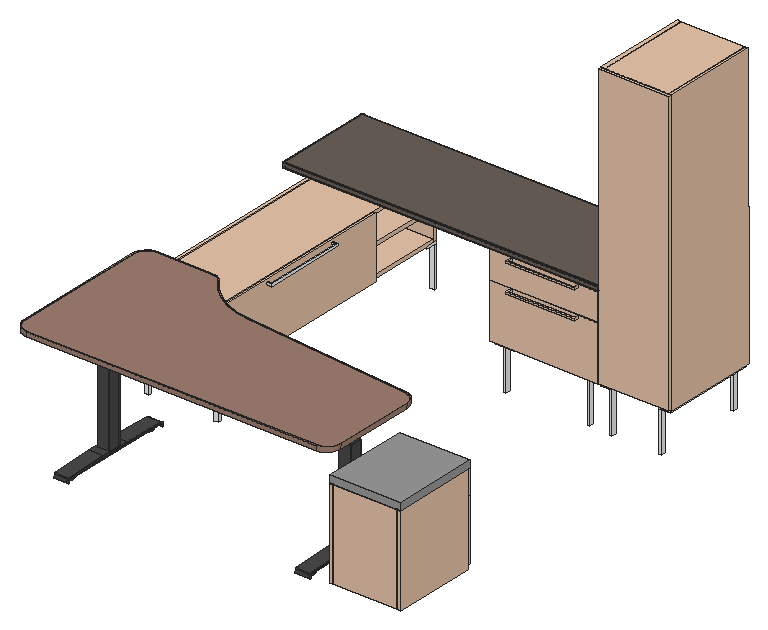
Revit family "OFS TYPICALS T100176", category Furniture, Revit 2022 (continued)
Definition of nested family "STAKS RECTANGULAR WORKSURFACES Short Grain"
  Dimensions and locks (in)
    aligned and locked: Extrusion 1 to plane 10
    aligned and locked: Sweep 2 sketch curve to plane 5 "FRONT"
    aligned and locked: Sweep 2 sketch curve to plane 2 "LEFT"
    aligned and locked: plane 4 "BACK" to Sweep 2 sketch curve
    aligned and locked: plane 3 "RIGHT" to Sweep 2 sketch curve
  Automatic sketch dimensions
    Masking region 1 sketch curve to plane 6 = 0' - 0"
    Masking region 1 sketch curve to plane 2 "LEFT" = 0' - 0"
    Masking region 1 sketch curve to plane 4 "BACK" = 0' - 0"
    Masking region 1 sketch curve to plane 8 = 0' - 0"
    Masking region 1 sketch curve to plane 9 = 0' - 0"
    Masking region 1 sketch curve to plane 5 "FRONT" = 0' - 0"
    Masking region 2 sketch curve to plane 3 "RIGHT" = 0' - 0"
    Masking region 2 sketch curve to plane 7 = 0' - 0"
    Masking region 2 sketch curve to plane 6 = 0' - 0"
    Masking region 2 sketch curve to plane 2 "LEFT" = 0' - 0"
    Masking region 2 sketch curve to plane 4 "BACK" = 0' - 0"
    Masking region 2 sketch curve to plane 8 = 0' - 0"
    Masking region 3 sketch curve to plane 3 "RIGHT" = 0' - 0"
    Masking region 3 sketch curve to plane 7 = 0' - 0"
    Masking region 3 sketch curve to plane 4 "BACK" = 0' - 0"
    Masking region 3 sketch curve to plane 8 = 0' - 0"
    Masking region 3 sketch curve to plane 9 = 0' - 0"
    Masking region 3 sketch curve to plane 5 "FRONT" = 0' - 0"
    Masking region 4 sketch curve to plane 3 "RIGHT" = 0' - 0"
    Masking region 4 sketch curve to plane 7 = 0' - 0"
    Masking region 4 sketch curve to plane 6 = 0' - 0"
    Masking region 4 sketch curve to plane 2 "LEFT" = 0' - 0"
    Masking region 4 sketch curve to plane 9 = 0' - 0"
    Masking region 4 sketch curve to plane 5 "FRONT" = 0' - 0"
    Masking region 5 sketch curve to plane 7 = 0' - 0"
    Masking region 5 sketch curve to plane 6 = 0' - 0"
    Masking region 5 sketch curve to plane 8 = 0' - 0"
    Masking region 5 sketch curve to plane 9 = 0' - 0"
    Sweep 2 sketch curve to profile plane = 0' - 0"
    Sweep 2 sketch curve to plane 11 "SURFACE TOP" = 0' - 0"
    Sweep 2 sketch curve to profile plane = 0' - 0 1/8"
    Sweep 2 sketch curve to Sweep 2 sketch curve = 0' - 0 7/8"
Definition of nested family "STAKS METAL BASE RECTANGULAR END"
  Parameters (values of type "STAKS RECTANGULAR END METAL BASE")
    URL = "http://www.ofs.com/"
    Metal Legs Material = none
    Height Above Floor [instance] = 0' - 9 1/2"
    Height = 0' - 9 1/2"
    Depth = 0' - 2 1/2"
    Model = "6-RELEG"
    Manufacturer = "OFS"
    Description = "OFS STAKS RECTANGULAR END METAL BASE, For use on End of 21.875\"D and 21.125\"D Pedestals"
    Width = 1' - 8 7/8"
    Default Elevation = 0' - 0"
    Copyright © = "© 2018 OFS"
    Catalog = "https://ofs.com/products/casegoods/private-office/staks"
    Authoring Version = "Autodesk Revit Architecture 2013"
    Assembly Code = "E2020200"
  Reference planes (in)
    plane 1: z = -0.125
    plane 2 "LEFT": x = 7.55498
    plane 3 "RIGHT": x = 28.42998
    plane 4 "BACK": y = -1.83365
    plane 5 "FRONT": y = -4.33365
    plane 6: x = 8.55498
    plane 7: x = 27.42998
    plane 8: y = -1.95865
    plane 9: y = -3.83365
    plane 10: z = -0.125
    plane 11 "SURFACE TOP": z = 9.375
    plane 12: z = 8.875
    plane 13: x = 17.99248
  Forms (in)
    Extrusion 1, solid, material <- "Metal Legs Material"
      sketch origin (0, 0, 17.125) x (-1, 0, 0) y (0, -1, 0)
        loop
          line (-7.55498, 1.83365) -> (-7.55498, 4.33365) -> (-28.42998, 4.33365) -> (-28.42998, 1.83365) -> (-7.55498, 1.83365)
      from -7.75 to -8.25
    Extrusion 2, solid, material <- "Metal Legs Material"
      sketch origin (0, 0, 9.375) x (0, 1, 0) y (-1, 0, 0)
        loop
          line (-3.83365, -8.55498) -> (-3.83365, -7.55498) -> (-4.33365, -7.55498) -> (-4.33365, -8.55498) -> (-3.83365, -8.55498)
        loop
          line (-4.33365, -28.42998) -> (-3.83365, -28.42998) -> (-3.83365, -27.42998) -> (-4.33365, -27.42998) -> (-4.33365, -28.42998)
      from -0.5 to -9.5
  Dimensions and locks (in)
    "Depth": plane 4 "BACK" to plane 5 "FRONT"
    "Width": plane 2 "LEFT" to plane 3 "RIGHT"
    "Height": plane 11 "SURFACE TOP" to plane 10
    locked: plane 4 "BACK" to plane 8 at 0.125
    locked: plane 2 "LEFT" to plane 6 at 1
    locked: plane 7 to plane 3 "RIGHT" at 1
    locked: plane 9 to plane 5 "FRONT" at 0.5
    "Height Above Floor": plane 11 "SURFACE TOP" to level
    plane 11 "SURFACE TOP" to plane 12 = 0' - 0 1/2"
    equal spacing: plane 2 "LEFT", plane 13, plane 3 "RIGHT"
    aligned: level to plane 1
    aligned and locked: plane 11 "SURFACE TOP" to Extrusion 1
    aligned and locked: plane 4 "BACK" to Extrusion 1 sketch curve
    aligned and locked: Extrusion 1 sketch curve to plane 2 "LEFT"
    aligned and locked: Extrusion 1 sketch curve to plane 5 "FRONT"
    aligned and locked: plane 3 "RIGHT" to Extrusion 1 sketch curve
    aligned and locked: Extrusion 1 to plane 12
    aligned and locked: plane 9 to Extrusion 2 sketch curve
    aligned and locked: plane 6 to Extrusion 2 sketch curve
    aligned and locked: Extrusion 2 sketch curve to Extrusion 1  (x3)
    aligned and locked: Extrusion 1 to Extrusion 2 sketch curve
    aligned and locked: Extrusion 2 sketch curve to plane 9
    aligned and locked: plane 7 to Extrusion 2 sketch curve
    aligned and locked: Extrusion 2 to Extrusion 1
    aligned and locked: Extrusion 2 to level
Definition of nested family "STAKS LOW HEIGHT PEDESTAL WIDE - BOX-FILE - WITH RISER SUPPORT"
  Parameters (values of type "STAKS LOW HEIGHT PEDESTAL WIDE - BOX-FILE - WITH RISER SUPPORT 24in W x 19in D")
    URL = "http://www.ofs.com/"
    Riser Support = 0' - 3 1/2"
    Model = "6-RL2419MPD11"
    Manufacturer = "OFS"
    Height = 1' - 6 3/8"
    Drawer Material = none
    Drawer Handle Width = 1' - 3 1/8"
    Drawer Handle Material = none
    Description = "OFS STAKS LOW HEIGHT PEDESTAL WIDE - BOX-FILE - WITH RISER SUPPORT 24\" Width, 19\" Depth, One Box Drawer, One File Drawer, Use with 22\"D Worksurfaces"
    Width = 2' - 0"
    Depth = 1' - 7 3/8"
    Default Elevation = 0' - 0"
    DH2 = 0' - 6 1/2"
    DH1 = 1' - 0 3/8"
    Copyright © = "© 2018 OFS"
    Chasis Material = none
    Catalog = "https://ofs.com/products/casegoods/private-office/staks"
    Board Thickness = 0' - 0 3/4"
    Authoring Version = "Autodesk Revit Architecture 2013"
    Assembly Code = "E2020200"
  Types (6): name | Model | Description | Width | Depth
    STAKS LOW HEIGHT PEDESTAL WIDE - BOX-FILE - WITH RISER SUPPORT 24in W x 19in D | "6-RL2419MPD11" | "OFS STAKS LOW HEIGHT PEDESTAL WIDE - BOX-FILE - WITH RISER SUPPORT 24\" Width, 19\" Depth, One Box Drawer, One File Drawer, Use with 22\"D Worksurfaces" | 2' - 0" | 1' - 7 3/8"
    STAKS LOW HEIGHT PEDESTAL WIDE - BOX-FILE - WITH RISER SUPPORT 24in W x 22in D | "6-RL2422MPD11" | "OFS STAKS LOW HEIGHT PEDESTAL WIDE - BOX-FILE - WITH RISER SUPPORT 24\" Width, 22\" Depth, One Box Drawer, One File Drawer, Use with 22\"D Worksurfaces" | 2' - 0" | 1' - 9 7/8"
    STAKS LOW HEIGHT PEDESTAL WIDE - BOX-FILE - WITH RISER SUPPORT 30in W x 19in D | "6-RL3019MPD11" | "OFS STAKS LOW HEIGHT PEDESTAL WIDE - BOX-FILE - WITH RISER SUPPORT 30\" Width, 19\" Depth, One Box Drawer, One File Drawer, Use with 22\"D Worksurfaces" | 2' - 6" | 1' - 7 3/8"
    STAKS LOW HEIGHT PEDESTAL WIDE - BOX-FILE - WITH RISER SUPPORT 30in W x 22in D | "6-RL3022MPD11" | "OFS STAKS LOW HEIGHT PEDESTAL WIDE - BOX-FILE - WITH RISER SUPPORT 30\" Width, 22\" Depth, One Box Drawer, One File Drawer, Use with 22\"D Worksurfaces" | 2' - 6" | 1' - 9 7/8"
    STAKS LOW HEIGHT PEDESTAL WIDE - BOX-FILE - WITH RISER SUPPORT 36in W x 19in D | "6-RL3619MPD11" | "OFS STAKS LOW HEIGHT PEDESTAL WIDE - BOX-FILE - WITH RISER SUPPORT 36\" Width, 19\" Depth, One Box Drawer, One File Drawer, Use with 22\"D Worksurfaces" | 3' - 0" | 1' - 7 3/8"
    STAKS LOW HEIGHT PEDESTAL WIDE - BOX-FILE - WITH RISER SUPPORT 36in W x 22in D | "6-RL3622MPD11" | "OFS STAKS LOW HEIGHT PEDESTAL WIDE - BOX-FILE - WITH RISER SUPPORT 36\" Width, 22\" Depth, One Box Drawer, One File Drawer, Use with 22\"D Worksurfaces" | 3' - 0" | 1' - 9 7/8"
  Reference planes (in)
    plane 1: z = 0
    plane 2 "Right": x = 20.97711
    plane 3: z = 21.875
    plane 4: z = 15.875
    plane 5: z = 15.75
    plane 6: z = 3.5
    plane 7: z = 15.5
    plane 8: z = 21.625
    plane 9: z = 15.031
    plane 10: z = 21.15625
    plane 11: x = 8.97711
    plane 12: y = 1.37535
    plane 13: y = 0.62535
    plane 14: x = 9.03961
    plane 15: x = 32.91411
    plane 16: x = 9.72711
    plane 17: y = 20.00035
    plane 18: x = 32.97711
    plane 19: x = 32.22711
    plane 20: x = 13.41461
    plane 21: x = 13.78961
    plane 22: x = 28.53961
    plane 23: x = 28.16461
    plane 24: y = -0.18715
    plane 25: y = -0.37465
    plane 26: z = 3.75
    plane 27: y = 19.25035
    plane 28: z = 4.25
    plane 29: y = 16.75035
    plane 30: y = 4.37535
    plane 31: y = 8.37535
    plane 32: y = 12.75035
    plane 33: y = 5.00035
    plane 34: y = 13.37535
    plane 35: z = 22
  Forms (in)
    Extrusion 1, solid, material <- "Drawer Material"
      sketch origin (20.35211, 5, -13.1802) x (0, 1, 0) y (0, 0, 1)
        loop
          line (-4.37465, 28.9302) -> (-4.37465, 16.9302) -> (-3.62465, 16.9302) -> (-3.62465, 28.9302) -> (-4.37465, 28.9302)
      from -11.3125 to 12.562
    Extrusion 2, solid, material <- "Drawer Material"
      sketch origin (20.35211, 2.25, -7.68015) x (0, 1, 0) y (0, 0, 1)
        loop
          line (-1.62465, 29.55515) -> (-1.62465, 23.55515) -> (-0.87465, 23.55515) -> (-0.87465, 29.55515) -> (-1.62465, 29.55515)
      from -11.3125 to 12.562
    Extrusion 3, solid, material <- "Chasis Material"
      sketch origin (-3, -1.24965, 0) x (1, 0, 0) y (0, 0, 1)
        loop
          line (11.97711, 3.5) -> (12.72711, 3.5) -> (12.72711, 21.875) -> (11.97711, 21.875) -> (11.97711, 3.5)
      from -21.25 to -2.625
    Extrusion 4, solid, material <- "Chasis Material"
      sketch origin (19.35211, 31.02324, 0) x (0, 1, 0) y (0, 0, 1)
        loop
          line (-11.77289, 3.5) -> (-11.02289, 3.5) -> (-11.02289, 21.875) -> (-11.77289, 21.875) -> (-11.77289, 3.5)
      from -9.625 to 12.875
    Extrusion 5, solid, material <- "Drawer Handle Material"
      sketch origin (9, 0, 9.60933) x (1, 0, 0) y (0, 1, 0)
        loop
          line (4.41461, 0.62535) -> (4.41461, -0.37465) -> (19.53961, -0.37465) -> (19.53961, 0.62535) -> (19.16461, 0.62535) -> (19.16461, -0.18715) -> (4.78961, -0.18715) -> (4.78961, 0.62535) -> (4.41461, 0.62535)
      from 5.42167 to 5.89067
    Extrusion 6, solid, material <- "Drawer Handle Material"
      sketch origin (9, 0, 20.67137) x (1, 0, 0) y (0, 1, 0)
        loop
          line (4.41461, 0.62535) -> (4.41461, -0.37465) -> (19.53961, -0.37465) -> (19.53961, 0.62535) -> (19.16461, 0.62535) -> (19.16461, -0.18715) -> (4.78961, -0.18715) -> (4.78961, 0.62535) -> (4.41461, 0.62535)
      from 0.48488 to 0.95363
    Extrusion 7, solid, material <- "Chasis Material"
      sketch origin (0, 0, 0) x (1, 0, 0) y (0, 1, 0)
        loop
          line (32.97711, 20.00035) -> (32.22711, 20.00035) -> (32.22711, 1.37535) -> (32.97711, 1.37535) -> (32.97711, 20.00035)
      from 3.5 to 21.875
    Extrusion 8, solid, material <- "Chasis Material"
      sketch origin (-29.79592, -7.12465, 7.24693) x (1, 0, 0) y (0, 0, 1)
        loop
          line (39.52304, 13.90932) -> (62.02304, 13.90932) -> (62.02304, 14.62807) -> (39.52304, 14.62807) -> (39.52304, 13.90932)
      from -26.375 to -8.5
    Extrusion 9, solid, material <- "Chasis Material"
      sketch origin (-31.5409, -1.62465, -42.72261) x (1, 0, 0) y (0, 0, 1)
        loop
          line (41.26801, 46.22261) -> (63.76801, 46.22261) -> (63.76801, 46.97261) -> (41.26801, 46.97261) -> (41.26801, 46.22261)
      from -20.875 to -3
    Extrusion 10, solid
      sketch origin (0, 0, 0) x (1, 0, 0) y (0, 1, 0)
        loop
          line (32.91411, 20.00035) -> (32.22711, 20.00035) -> (32.22711, 1.37535) -> (32.91411, 1.37535) -> (32.91411, 20.00035)
        loop
          line (9.03961, 20.00035) -> (9.03961, 1.37535) -> (9.72711, 1.37535) -> (9.72711, 20.00035) -> (9.03961, 20.00035)
      from 21.875 to 22
  Dimensions and locks (in)
    "Board Thickness": plane 13 to plane 12
    locked: plane 11 to plane 14 at 0.0625
    "Board Thickness": plane 11 to plane 16
    locked: plane 15 to plane 18 at 0.063
    "Width": plane 11 to plane 18
    Extrusion 7 sketch curve to plane 18 = 0' - 0 3/4"
    "Board Thickness": plane 19 to plane 18
    equal spacing: plane 11, plane 2 "Right", plane 18
    locked: plane 20 to plane 21 at 0.375
    locked: plane 23 to plane 22 at 0.375
    equal spacing: plane 20, plane 2 "Right", plane 22
    "Drawer Handle Width": plane 20 to plane 22
    plane 25 to plane 24 to plane 13 = 0' - 0 3/16" locked, 0' - 0 13/16" locked
    "Riser Support": plane 6 to level
    "Height": plane 3 to plane 6
    "DH1": plane 4 to plane 6
    locked: plane 26 to plane 6 at 0.25
    "Board Thickness": plane 27 to plane 17
    "Depth": plane 13 to plane 17
    plane 4 to plane 5 to plane 7 to plane 9 = 0' - 0 1/8" locked, 0' - 0 1/4" locked, 0' - 0.469" locked
    plane 3 to plane 8 to plane 10 = 0' - 0 1/4" locked, 0' - 0 15/32" locked
    "Board Thickness": plane 28 to plane 6
    plane 12 to plane 30 to plane 31 = 0' - 3" locked, 0' - 4" locked
    plane 32 to plane 29 to plane 27 = 0' - 4" locked, 0' - 2 1/2" locked
    locked: plane 30 to plane 33 at 0.625
    locked: plane 32 to plane 34 at 0.625
    locked: plane 35 to plane 3 at 0.125
    aligned and locked: level to plane 1
    aligned and locked: Extrusion 1 to plane 14
    aligned and locked: plane 15 to Extrusion 1
    aligned and locked: Extrusion 2 to plane 12
    aligned and locked: plane 13 to Extrusion 2
    aligned and locked: plane 15 to Extrusion 2
    aligned and locked: Extrusion 2 to plane 14
    aligned and locked: plane 12 to Extrusion 3
    aligned and locked: Extrusion 3 to plane 17
    aligned and locked: Extrusion 4 to plane 16
    aligned and locked: plane 16 to Extrusion 3
    aligned and locked: Extrusion 3 to plane 11
    aligned and locked: Extrusion 4 to plane 17
    aligned and locked: Extrusion 1 sketch curve to plane 12
    aligned and locked: plane 13 to Extrusion 1 sketch curve
    aligned and locked: plane 19 to Extrusion 4
    aligned and locked: plane 3 to Extrusion 3
    aligned and locked: Extrusion 6 to plane 22
    aligned and locked: Extrusion 5 to plane 22
    aligned and locked: plane 23 to Extrusion 6
    aligned and locked: plane 23 to Extrusion 5
    aligned and locked: plane 21 to Extrusion 6
    aligned and locked: plane 21 to Extrusion 5
    aligned and locked: Extrusion 6 to plane 20
    aligned and locked: Extrusion 5 to plane 20
    aligned and locked: plane 24 to Extrusion 6
    aligned and locked: plane 7 to Extrusion 5
    aligned and locked: Extrusion 5 to plane 9
    aligned and locked: plane 3 to Extrusion 4
    aligned and locked: Extrusion 1 to plane 26
    aligned and locked: Extrusion 7 to plane 19
    aligned and locked: plane 3 to Extrusion 7
    aligned and locked: Extrusion 7 to plane 6
    aligned and locked: plane 3 to Extrusion 8
    aligned and locked: Extrusion 8 to plane 10
    aligned and locked: plane 28 to Extrusion 9
    aligned and locked: Extrusion 9 to plane 6
    aligned and locked: Extrusion 9 to plane 27
    aligned and locked: plane 12 to Extrusion 9
    aligned and locked: plane 19 to Extrusion 9
    aligned and locked: Extrusion 9 to plane 16
    aligned and locked: Extrusion 10 to plane 3
    aligned and locked: plane 35 to Extrusion 10
    aligned and locked: plane 3 to Extrusion 2
    aligned and locked: plane 8 to Extrusion 6
    aligned and locked: Extrusion 6 to plane 10
    aligned and locked: Extrusion 8 to plane 27
    aligned and locked: plane 12 to Extrusion 8
  Automatic sketch dimensions
    Extrusion 1 sketch curve to plane 26 = 0' - 0"
    Extrusion 1 sketch curve to plane 5 = 0' - 0"
    Extrusion 2 sketch curve to plane 13 = 0' - 0"
    Extrusion 2 sketch curve to plane 4 = 0' - 0"
    Extrusion 2 sketch curve to plane 12 = 0' - 0"
    Extrusion 3 sketch curve to plane 6 = 0' - 0"
    Extrusion 3 sketch curve to plane 11 = 0' - 0"
    Extrusion 3 sketch curve to plane 3 = 0' - 0"
    Extrusion 3 sketch curve to plane 16 = 0' - 0"
    Extrusion 4 sketch curve to plane 6 = 0' - 0"
    Extrusion 4 sketch curve to plane 3 = 0' - 0"
    Extrusion 4 sketch curve to plane 17 = 0' - 0"
    plane 27 to Extrusion 4 sketch curve = 0' - 0"
    plane 13 to Extrusion 5 sketch curve = 0' - 0"  (x2)
    Extrusion 5 sketch curve to plane 20 = 0' - 0"
    Extrusion 5 sketch curve to plane 21 = 0' - 0"
    Extrusion 5 sketch curve to plane 23 = 0' - 0"
    Extrusion 5 sketch curve to plane 22 = 0' - 0"
    plane 25 to Extrusion 5 sketch curve = 0' - 0"
    plane 24 to Extrusion 5 sketch curve = 0' - 0"
    plane 13 to Extrusion 6 sketch curve = 0' - 0"  (x2)
    Extrusion 6 sketch curve to plane 20 = 0' - 0"
    Extrusion 6 sketch curve to plane 21 = 0' - 0"
    Extrusion 6 sketch curve to plane 23 = 0' - 0"
    Extrusion 6 sketch curve to plane 22 = 0' - 0"
    plane 25 to Extrusion 6 sketch curve = 0' - 0"
    plane 24 to Extrusion 6 sketch curve = 0' - 0"
    plane 12 to Extrusion 7 sketch curve = 0' - 0"
    Extrusion 7 sketch curve to plane 18 = 0' - 0"
    plane 17 to Extrusion 7 sketch curve = 0' - 0"
    Extrusion 8 sketch curve to plane 10 = 0' - 0"
    Extrusion 8 sketch curve to plane 16 = 0' - 0"
    Extrusion 8 sketch curve to plane 3 = 0' - 0"
    Extrusion 8 sketch curve to plane 19 = 0' - 0"
    plane 14 to Extrusion 9 sketch curve = 0' - 0 11/16"
    Extrusion 9 sketch curve to plane 6 = 0' - 0"
    plane 6 to Extrusion 9 sketch curve = 0' - 0 3/4"
    Extrusion 9 sketch curve to plane 19 = 0' - 0"
    Extrusion 10 sketch curve to plane 14 = 0' - 0"
    Extrusion 10 sketch curve to plane 15 = 0' - 0"
    Extrusion 10 sketch curve to plane 13 = 0' - 0 3/4"  (x2)
    Extrusion 10 sketch curve to plane 19 = 0' - 0"
    plane 17 to Extrusion 10 sketch curve = 0' - 0"  (x2)
    plane 4 to Extrusion 2 sketch curve = 0' - 6"
    Extrusion 10 sketch curve to plane 16 = 0' - 0"
Definition of nested family "STAKS METAL BASE RECTANGULAR"
  Parameters (values of type "STAKS RECTANGULAR METAL BASE")
    URL = "http://www.ofs.com/"
    Metal Legs Material = none
    Height Above Floor [instance] = 0' - 9 1/2"
    Height = 0' - 9 1/2"
    Depth = 0' - 4"
    Model = "6-RLEG"
    Manufacturer = "OFS"
    Description = "OFS STAKS RECTANGULAR METAL BASE, Leg can Straddle adjoining Pedestals for Support at the Seam of 21.875\"D and 21.125\"D"
    Width = 0' - 4"
    Default Elevation = 0' - 0"
    Copyright © = "© 2018 OFS"
    Catalog = "https://ofs.com/products/casegoods/private-office/staks"
    Authoring Version = "Autodesk Revit Architecture 2013"
    Assembly Code = "E2020200"
  Reference planes (in)
    plane 1: z = -0.125
    plane 2 "LEFT": x = 7.55498
    plane 3 "RIGHT": x = 11.55498
    plane 4 "BACK": y = -1.83365
    plane 5 "FRONT": y = -5.83365
    plane 6: x = 9.30498
    plane 7: x = 9.80498
    plane 8: y = -1.95865
    plane 9: y = -4.83365
    plane 10: z = -0.125
    plane 11 "SURFACE TOP": z = 9.375
    plane 12: z = 8.875
    plane 13: x = 9.55498
  Forms (in)
    Extrusion 1, solid, material <- "Metal Legs Material"
      sketch origin (0, 0, 17.125) x (-1, 0, 0) y (0, -1, 0)
        loop
          line (-7.55498, 1.83365) -> (-7.55498, 5.83365) -> (-11.55498, 5.83365) -> (-11.55498, 1.83365) -> (-7.55498, 1.83365)
      from -7.75 to -8.25
    Extrusion 2, solid, material <- "Metal Legs Material"
      sketch origin (0, 0, 9.375) x (0, 1, 0) y (-1, 0, 0)
        loop
          line (-4.83365, -9.80498) -> (-4.83365, -9.30498) -> (-5.83365, -9.30498) -> (-5.83365, -9.80498) -> (-4.83365, -9.80498)
      from -0.5 to -9.5
  Dimensions and locks (in)
    "Depth": plane 4 "BACK" to plane 5 "FRONT"
    "Width": plane 2 "LEFT" to plane 3 "RIGHT"
    "Height": plane 11 "SURFACE TOP" to plane 10
    locked: plane 4 "BACK" to plane 8 at 0.125
    locked: plane 2 "LEFT" to plane 6 at 1.75
    locked: plane 7 to plane 3 "RIGHT" at 1.75
    locked: plane 9 to plane 5 "FRONT" at 1
    "Height Above Floor": plane 11 "SURFACE TOP" to level
    plane 11 "SURFACE TOP" to plane 12 = 0' - 0 1/2"
    equal spacing: plane 2 "LEFT", plane 13, plane 3 "RIGHT"
    aligned: level to plane 1
    aligned and locked: plane 11 "SURFACE TOP" to Extrusion 1
    aligned and locked: plane 4 "BACK" to Extrusion 1 sketch curve
    aligned and locked: Extrusion 1 sketch curve to plane 2 "LEFT"
    aligned and locked: Extrusion 1 sketch curve to plane 5 "FRONT"
    aligned and locked: plane 3 "RIGHT" to Extrusion 1 sketch curve
    aligned and locked: Extrusion 1 to plane 12
    aligned and locked: plane 9 to Extrusion 2 sketch curve
    aligned and locked: Extrusion 1 to Extrusion 2 sketch curve
    aligned and locked: Extrusion 2 to Extrusion 1
    aligned and locked: Extrusion 2 to level
    aligned and locked: plane 7 to Extrusion 2 sketch curve
    aligned and locked: Extrusion 2 sketch curve to plane 6
Definition of nested family "STAKS RISER SUPPORT PANELS P _ T SHAPED"
  Parameters (values of type "STAKS RISER SUPPORT PANEL T SHAPE 26 X 9.5")
    T SHAPE = yes
    RISER DEPTH = 2' - 2"
    URL = "http://www.ofs.com/"
    P SHAPE = no
    Model = "6-RSP-26/9.5"
    Manufacturer = "OFS"
    Description = "STAKS RISER SUPPORT PANEL 26 X 9.5 T SHAPE, 4.875\"H Riser Support Panel for 30\"D Top"
    Default Elevation = 0' - 0"
    Copyright © = "©OFS 2018"
    Catalog = "https://ofs.com/products/casegoods/private-office/staks"
    Authoring Version = "Autodesk Revit Architecture 2013"
    Assembly Code = "E2020200"
  Types (8): name | T SHAPE | RISER DEPTH | P SHAPE | Model | Description
    STAKS RISER SUPPORT PANEL P SHAPE 10 X 9.5 | no | 0' - 10" | yes | "6-TSP-10/9.5" | "STAKS RISER SUPPORT PANEL 10 X 9.5 P SHAPE, 4.875\"H Riser Support Panel for 14\"D Top"
    STAKS RISER SUPPORT PANEL P SHAPE 18 X 9.5 | no | 1' - 6" | yes | "6-TSP-18/9.5" | "STAKS RISER SUPPORT PANEL 18 X 9.5 P SHAPE, 4.875\"H Riser Support Panel for 22\"D Top"
    STAKS RISER SUPPORT PANEL P SHAPE 26 X 9.5 | no | 2' - 2" | yes | "6-TSP-26/9.5" | "STAKS RISER SUPPORT PANEL 26 X 9.5 P SHAPE, 4.875\"H Riser Support Panel for 30\"D Top"
    STAKS RISER SUPPORT PANEL P SHAPE 32 X 9.5 | no | 2' - 8" | yes | "6-TSP-32/9.5" | "STAKS RISER SUPPORT PANEL 32 X 9.5 P SHAPE, 4.875\"H Riser Support Panel for 36\"D Top"
    STAKS RISER SUPPORT PANEL T SHAPE 10 X 9.5 | yes | 0' - 10" | no | "6-RSP-10/9.5" | "STAKS RISER SUPPORT PANEL 10 X 9.5 T SHAPE, 4.875\"H Riser Support Panel for 14\"D Top"
    STAKS RISER SUPPORT PANEL T SHAPE 18 X 9.5 | yes | 1' - 6" | no | "6-RSP-18/9.5" | "STAKS RISER SUPPORT PANEL 18 X 9.5 T SHAPE, 4.875\"H Riser Support Panel for 22\"D Top"
    STAKS RISER SUPPORT PANEL T SHAPE 26 X 9.5 | yes | 2' - 2" | no | "6-RSP-26/9.5" | "STAKS RISER SUPPORT PANEL 26 X 9.5 T SHAPE, 4.875\"H Riser Support Panel for 30\"D Top"
    STAKS RISER SUPPORT PANEL T SHAPE 32 X 9.5 | yes | 2' - 8" | no | "6-RSP-32/9.5" | "STAKS RISER SUPPORT PANEL 32 X 9.5 T SHAPE, 4.875\"H Riser Support Panel for 36\"D Top"
  Reference planes (in)
    plane 1: z = 0
    plane 2 "Left": x = -12
    plane 3 "Back": y = 1.62535
    plane 4 "WING Top": z = 27.375
    plane 5: y = -24.37465
    plane 6: y = 0.62535
    plane 7: x = -2.5
    plane 8: x = -3.5
    plane 9: x = -11
    plane 10: y = -7.87465
    plane 11: z = 22.5
    plane 12: y = -6.87465
    plane 13: x = -13
    plane 14: y = -11.37465
    plane 15: x = -21.5
  Forms (in)
    Extrusion 1, solid, visible <- "P SHAPE"
      sketch origin (3.36932, -10.37465, 0.12522) x (1, 0, 0) y (0, 0, 1)
        loop
          line (-5.86932, 27.24978) -> (-6.86932, 27.24978) -> (-6.86932, 22.37478) -> (-5.86932, 22.37478) -> (-5.86932, 27.24978)
      from -11 to -3.5
    Extrusion 2, solid, visible <- "P SHAPE"
      sketch origin (-5.5, 5, -0.18015) x (0, 1, 0) y (0, 0, 1)
        loop
          line (-4.37465, 27.55515) -> (-4.37465, 22.68015) -> (-3.37465, 22.68015) -> (-3.37465, 27.55515) -> (-4.37465, 27.55515)
      from -5.5 to 3
    Extrusion 3, solid, visible <- "P SHAPE"
      sketch origin (7.62465, -10.37465, -0.18015) x (1, 0, 0) y (0, 0, 1)
        loop
          line (-19.62465, 27.55515) -> (-19.62465, 22.68015) -> (-18.62465, 22.68015) -> (-18.62465, 27.55515) -> (-19.62465, 27.55515)
      from -12 to 14
    Extrusion 4, solid, visible <- "P SHAPE"
      sketch origin (-5.5, -2.25, -0.18015) x (0, 1, 0) y (0, 0, 1)
        loop
          line (-5.62465, 27.55515) -> (-5.62465, 22.68015) -> (-4.62465, 22.68015) -> (-4.62465, 27.55515) -> (-5.62465, 27.55515)
      from -5.5 to 3
    Extrusion 5, solid, visible <- "T SHAPE"
      sketch origin (6.62465, -10.37465, -0.18015) x (1, 0, 0) y (0, 0, 1)
        loop
          line (-19.62465, 27.55515) -> (-19.62465, 22.68015) -> (-18.62465, 22.68015) -> (-18.62465, 27.55515) -> (-19.62465, 27.55515)
      from -12 to 14
    Extrusion 6, solid, visible <- "T SHAPE"
      sketch origin (-16, -9.25, -0.18015) x (0, 1, 0) y (0, 0, 1)
        loop
          line (-2.62465, 27.55515) -> (-2.62465, 22.68015) -> (-1.62465, 22.68015) -> (-1.62465, 27.55515) -> (-2.62465, 27.55515)
      from -5.5 to 3
  Lines and regions (in)
    Masking region 1, visible <- "P SHAPE"
      outline origin (-5.5, 0, 0) x (1, 0, 0) y (0, 1, 0)
        loop
          line (-5.5, 1.62535) -> (-5.5, 0.62535) -> (3, 0.62535) -> (3, 1.62535) -> (-5.5, 1.62535)
    Masking region 2, visible <- "P SHAPE"
      outline origin (4.75, 0, 0) x (1, 0, 0) y (0, 1, 0)
        loop
          line (-7.25, 0.62535) -> (-8.25, 0.62535) -> (-8.25, -6.87465) -> (-7.25, -6.87465) -> (-7.25, 0.62535)
    Masking region 3, visible <- "P SHAPE"
      outline origin (-16.37535, -10.37465, 0) x (0, -1, 0) y (1, 0, 0)
        loop
          line (-12, 5.37535) -> (-12, 4.37535) -> (14, 4.37535) -> (14, 5.37535) -> (-12, 5.37535)
    Masking region 4, visible <- "P SHAPE"
      outline origin (-5.5, -7.25, 0) x (1, 0, 0) y (0, 1, 0)
        loop
          line (-5.5, 0.37535) -> (-5.5, -0.62465) -> (3, -0.62465) -> (3, 0.37535) -> (-5.5, 0.37535)
    Masking region 5, visible <- "T SHAPE"
      outline origin (-17.37535, -10.37465, 0) x (0, -1, 0) y (1, 0, 0)
        loop
          line (-12, 5.37535) -> (-12, 4.37535) -> (14, 4.37535) -> (14, 5.37535) -> (-12, 5.37535)
    Masking region 6, visible <- "T SHAPE"
      outline origin (-16, -14.25, 0) x (1, 0, 0) y (0, 1, 0)
        loop
          line (-5.5, 3.37535) -> (-5.5, 2.37535) -> (3, 2.37535) -> (3, 3.37535) -> (-5.5, 3.37535)
  Dimensions and locks (in)
    "RISER DEPTH": plane 5 to plane 3 "Back"
    locked: plane 2 "Left" to plane 9 at 1
    locked: plane 8 to plane 7 at 1
    locked: plane 2 "Left" to plane 7 at 9.5
    locked: plane 4 "WING Top" to plane 11 at 4.875
    locked: plane 10 to plane 3 "Back" at 9.5
    locked: plane 4 "WING Top" to plane 1 at 27.375
    locked: plane 6 to plane 3 "Back" at 1
    locked: plane 10 to plane 12 at 1
    locked: plane 15 to plane 2 "Left" at 9.5
    locked: plane 13 to plane 2 "Left" at 1
    Extrusion 6 to plane 14 to Extrusion 6 = 0' - 0 1/2" locked, 0' - 0 1/2" locked
    equal spacing: plane 5, plane 14, plane 3 "Back"
    aligned: Extrusion 1 to plane 2 "Left"  (x2)
    aligned: Extrusion 1 to plane 1  (x2)
    aligned: level to plane 1
    aligned: Extrusion 1 to plane 4 "WING Top"
    aligned: Extrusion 1 to plane 3 "Back"  (x2)
    aligned: plane 5 to Extrusion 1
    aligned: Extrusion 3 to plane 6
    aligned and locked: plane 5 to Extrusion 3
    aligned: Extrusion 1 to plane 5  (x3)
    aligned and locked: plane 6 to Extrusion 2
    aligned and locked: plane 6 to Masking region 1
    aligned and locked: Masking region 1 to plane 3 "Back"
    aligned and locked: Extrusion 2 to plane 3 "Back"
    aligned: plane 7 to Masking region 1
    aligned: plane 7 to Extrusion 2
    aligned: Extrusion 3 to plane 2 "Left"
    aligned: plane 4 "WING Top" to Extrusion 3
    aligned: plane 4 "WING Top" to Extrusion 1
    aligned: plane 4 "WING Top" to Extrusion 2
    aligned: Masking region 2 to plane 3 "Back"
    aligned: plane 3 "Back" to Extrusion 1
    aligned: plane 10 to Masking region 2
    aligned: plane 10 to Extrusion 1
    aligned and locked: plane 7 to Extrusion 1
    aligned and locked: Extrusion 1 to plane 8
    aligned and locked: plane 7 to Masking region 2
    aligned and locked: Masking region 2 to plane 8
    aligned: plane 8 to Extrusion 2
    aligned: plane 8 to Masking region 1
    aligned and locked: Extrusion 3 to plane 3 "Back"
    aligned and locked: Extrusion 3 to plane 2 "Left"
    aligned: plane 9 to Extrusion 3
    aligned and locked: plane 9 to Masking region 3
    aligned and locked: Masking region 3 to plane 2 "Left"
    aligned and locked: Extrusion 2 to plane 9
    aligned and locked: Masking region 1 to plane 9
    aligned and locked: plane 5 to Masking region 3
    aligned and locked: plane 4 "WING Top" to Extrusion 3  (x2)
    aligned and locked: plane 4 "WING Top" to Extrusion 1
    aligned and locked: plane 4 "WING Top" to Extrusion 2
    aligned and locked: Extrusion 3 to plane 11
    aligned and locked: Extrusion 1 to plane 11
    aligned and locked: Extrusion 2 to plane 11
    aligned and locked: plane 9 to Extrusion 3
    aligned and locked: Extrusion 1 to plane 6
    aligned and locked: Masking region 2 to plane 6
    aligned and locked: plane 7 to Extrusion 2
    aligned and locked: plane 7 to Masking region 1
    aligned and locked: Masking region 4 to plane 12
    aligned and locked: Extrusion 4 to plane 12
    aligned and locked: plane 10 to Extrusion 4
    aligned and locked: plane 10 to Masking region 4
    aligned and locked: plane 12 to Extrusion 1
    aligned and locked: plane 12 to Masking region 2
    aligned and locked: Masking region 6 to Extrusion 6  (x2)
    aligned and locked: Masking region 6 to plane 15
    aligned and locked: Extrusion 6 to plane 15
    aligned and locked: plane 13 to Masking region 6
    aligned and locked: plane 13 to Extrusion 6
    aligned and locked: plane 5 to Extrusion 5
    aligned and locked: Extrusion 5 to plane 3 "Back"
    aligned and locked: plane 3 "Back" to Extrusion 5
  Automatic sketch dimensions
    Extrusion 1 sketch curve to plane 4 "WING Top" = 0' - 0"
    Extrusion 1 sketch curve to plane 8 = 0' - 0"
    Extrusion 1 sketch curve to plane 7 = 0' - 0"
    Extrusion 1 sketch curve to plane 11 = 0' - 0"
    Extrusion 2 sketch curve to plane 4 "WING Top" = 0' - 0"
    Extrusion 2 sketch curve to plane 6 = 0' - 0"
    Extrusion 2 sketch curve to plane 3 "Back" = 0' - 0"
    Extrusion 2 sketch curve to plane 11 = 0' - 0"
    plane 6 to Masking region 1 sketch curve = 0' - 0"
    Masking region 1 sketch curve to plane 9 = 0' - 0"
    plane 3 "Back" to Masking region 1 sketch curve = 0' - 0"
    Masking region 1 sketch curve to plane 7 = 0' - 0"
    Extrusion 3 sketch curve to plane 2 "Left" = 0' - 0"
    Extrusion 3 sketch curve to plane 9 = 0' - 0"
    Extrusion 3 sketch curve to plane 11 = 0' - 0"
    Extrusion 3 sketch curve to plane 4 "WING Top" = 0' - 0"
    plane 6 to Masking region 2 sketch curve = 0' - 0"
    Masking region 2 sketch curve to plane 8 = 0' - 0"
    Masking region 2 sketch curve to plane 7 = 0' - 0"
    plane 12 to Masking region 2 sketch curve = 0' - 0"
    Masking region 3 sketch curve to plane 2 "Left" = 0' - 0"
    plane 3 "Back" to Masking region 3 sketch curve = 0' - 0"
    plane 5 to Masking region 3 sketch curve = 0' - 0"
    Masking region 3 sketch curve to plane 9 = 0' - 0"
    Extrusion 4 sketch curve to plane 4 "WING Top" = 0' - 0"
    Extrusion 4 sketch curve to plane 10 = 0' - 0"
    Extrusion 4 sketch curve to plane 11 = 0' - 0"
    Extrusion 4 sketch curve to plane 12 = 0' - 0"
    Masking region 4 sketch curve to plane 9 = 0' - 0"
    Masking region 4 sketch curve to plane 7 = 0' - 0"
    plane 10 to Masking region 4 sketch curve = 0' - 0"
    plane 12 to Masking region 4 sketch curve = 0' - 0"
    Extrusion 5 sketch curve to plane 4 "WING Top" = 0' - 0"
    Extrusion 5 sketch curve to plane 13 = 0' - 0"
    Extrusion 5 sketch curve to plane 2 "Left" = 0' - 0"
    Extrusion 5 sketch curve to plane 11 = 0' - 0"
    plane 3 "Back" to Masking region 5 sketch curve = 0' - 0"
    Masking region 5 sketch curve to plane 2 "Left" = 0' - 0"
    plane 5 to Masking region 5 sketch curve = 0' - 0"
    Masking region 5 sketch curve to plane 13 = 0' - 0"
    Extrusion 6 sketch curve to plane 4 "WING Top" = 0' - 0"
    Extrusion 6 sketch curve to plane 11 = 0' - 0"
    plane 10 to Extrusion 6 sketch curve = 0' - 4"
    Extrusion 6 sketch curve to Extrusion 6 sketch curve = 0' - 1"
    Masking region 6 sketch curve to plane 13 = 0' - 0"
    Masking region 6 sketch curve to Masking region 6 sketch curve = 0' - 8 1/2"
    plane 10 to Masking region 6 sketch curve = 0' - 4"
    Masking region 6 sketch curve to Masking region 6 sketch curve = 0' - 1"
Definition of nested family "OFS STAKS HEIGHT ADJUSTABLE WING TOP Right"
  Parameters (values of type "HA Wing Top Right 70x36")
    Worksurface Finish = none
    URL = "https://ofs.com/"
    Model = "6-7036HARWT"
    Manufacturer = "OFS"
    Height = 2' - 4 7/8"
    Glides Finish = none
    Edge Finish = none
    Description = "OFS STAKS HEIGHT ADJUSTABLE WING TOP 70\" Wide, 36\" Depth, Electronic height adjustable (27.5\"- 48\")"
    Default Elevation = 0' - 0"
    Copyright © = "©OFS 2021"
    Catalog = "https://ofs.com/products/casegoods/private-office/staks"
    Base Finish = none
    Authoring Version = "Autodesk Revit Architecture 2015"
    2 = Height - 0' 1"  # 2' - 3 7/8"
  Reference planes (in)
    plane 1 "Center Front/Back": y = 0
    plane 2: z = 0
    plane 3 "Center Left/Right": x = 0
    plane 4: z = 28.875
    plane 5: z = 27.875
  Forms (in)
    Extrusion 1, solid, material <- "Worksurface Finish"
      sketch origin (0, 0, 0) x (-1, 0, 0) y (0, -1, 0)
        loop
          arc (31.72879, -15.37514) -> (33.76173, -14.53308) -> (34.60379, -12.50014) r 2.875
          line (34.60379, -12.50014) -> (34.60379, 5.74986)
          arc (34.60379, 5.74986) -> (33.84847, 7.69218) -> (31.97937, 8.61391) r 2.875
          line (31.97937, 8.61391) -> (-5.67287, 11.90806)
          arc (-5.67287, 11.90806) -> (-12.51699, 14.11751) -> (-17.71875, 19.08393) r 16.11789
          arc (-17.71875, 19.08393) -> (-18.75574, 20.03164) -> (-20.11798, 20.37486) r 2.875
          line (-20.11798, 20.37486) -> (-32.27121, 20.37486)
          arc (-32.27121, 20.37486) -> (-34.30414, 19.53279) -> (-35.14621, 17.49986) r 2.875
          line (-35.14621, 17.49986) -> (-35.14621, -12.50014)
          arc (-35.14621, -12.50014) -> (-34.30414, -14.53308) -> (-32.27121, -15.37514) r 2.875
          line (-32.27121, -15.37514) -> (31.72879, -15.37514)
      from 27.875 to 28.875
    Sweep 2, solid, material <- "Edge Finish"
      path in 3D
        loop
          arc (5.67287, -11.90806, 28.875) -> (12.51699, -14.11751, 28.875) -> (17.71875, -19.08393, 28.875) r 16.11789
          arc (17.71875, -19.08393, 28.875) -> (18.75574, -20.03164, 28.875) -> (20.11798, -20.37486, 28.875) r 2.875
          line (20.11798, -20.37486, 28.875) -> (32.27121, -20.37486, 28.875)
          arc (32.27121, -20.37486, 28.875) -> (34.30414, -19.53279, 28.875) -> (35.14621, -17.49986, 28.875) r 2.875
          line (35.14621, -17.49986, 28.875) -> (35.14621, 12.50014, 28.875)
          arc (35.14621, 12.50014, 28.875) -> (34.30414, 14.53308, 28.875) -> (32.27121, 15.37514, 28.875) r 2.875
          line (32.27121, 15.37514, 28.875) -> (-31.72879, 15.37514, 28.875)
          arc (-31.72879, 15.37514, 28.875) -> (-33.76173, 14.53308, 28.875) -> (-34.60379, 12.50014, 28.875) r 2.875
          line (-34.60379, 12.50014, 28.875) -> (-34.60379, -5.74986, 28.875)
          arc (-34.60379, -5.74986, 28.875) -> (-33.84847, -7.69218, 28.875) -> (-31.97937, -8.61391, 28.875) r 2.875
          line (-31.97937, -8.61391, 28.875) -> (5.67287, -11.90806, 28.875)
      profile origin (-13.15325, -10.26099, 28.875) x (0.087156, 0.996195, 0) y (0, 0, 1)
        loop
          line (0, 0) -> (-0.125, 0) -> (-0.125, -1) -> (0, -1) -> (0, 0)
  Lines and regions (in)
    sketch lines
      curve 1: line (-31.97937, -8.61391, 28.875) -> (5.67287, -11.90806, 28.875)
      curve 2: arc (-31.97937, -8.61391, 28.875) -> (-33.84847, -7.69218, 28.875) -> (-34.60379, -5.74986, 28.875) r 2.875
      curve 3: line (-34.60379, 12.50014, 28.875) -> (-34.60379, -5.74986, 28.875)
      curve 4: arc (-34.60379, 12.50014, 28.875) -> (-33.76173, 14.53308, 28.875) -> (-31.72879, 15.37514, 28.875) r 2.875
      curve 5: line (32.27121, 15.37514, 28.875) -> (-31.72879, 15.37514, 28.875)
      curve 6: arc (32.27121, 15.37514, 28.875) -> (34.30414, 14.53308, 28.875) -> (35.14621, 12.50014, 28.875) r 2.875
      curve 7: line (35.14621, -17.49986, 28.875) -> (35.14621, 12.50014, 28.875)
      curve 8: arc (35.14621, -17.49986, 28.875) -> (34.30414, -19.53279, 28.875) -> (32.27121, -20.37486, 28.875) r 2.875
      curve 9: line (20.11798, -20.37486, 28.875) -> (32.27121, -20.37486, 28.875)
      curve 10: arc (20.11798, -20.37486, 28.875) -> (18.75574, -20.03164, 28.875) -> (17.71875, -19.08393, 28.875) r 2.875
      curve 11: arc (17.71875, -19.08393, 28.875) -> (12.51699, -14.11751, 28.875) -> (5.67287, -11.90806, 28.875) r 16.11789
  Dimensions and locks (in)
    "Height": plane 4 to level
    locked: plane 4 to plane 5 at 1
    aligned and locked: level to plane 2
    aligned and locked: plane 4 to Extrusion 1
    aligned and locked: Extrusion 1 to plane 5
  Automatic sketch dimensions
    Extrusion 1 sketch curve to plane 3 "Center Left/Right" = 2' - 11.14621"
    Extrusion 1 sketch curve to Extrusion 1 sketch curve = 0' - 2 7/8"  (x3)
    Extrusion 1 sketch curve to Extrusion 1 sketch curve = 1' - 0.15322"
    Extrusion 1 sketch curve to plane 3 "Center Left/Right" = 0' - 5.67287"
    Extrusion 1 sketch curve to plane 3 "Center Left/Right" = 0' - 4.2681"
    plane 1 "Center Front/Back" to Extrusion 1 sketch curve = 1' - 0.50014"
    plane 3 "Center Left/Right" to Extrusion 1 sketch curve = 2' - 7.72879"
    Extrusion 1 sketch curve to plane 1 "Center Front/Back" = 0' - 5.74986"
    Extrusion 1 sketch curve to Extrusion 1 sketch curve = 0' - 0"
    Extrusion 1 sketch curve to plane 1 "Center Front/Back" = 0' - 8.61391"
    Extrusion 1 sketch curve to Extrusion 1 sketch curve = 0' - 0.25057"
    Extrusion 1 sketch curve to plane 1 "Center Front/Back" = 0' - 11.90806"
    Extrusion 1 sketch curve to plane 1 "Center Front/Back" = 1' - 5.49986"
    Extrusion 1 sketch curve to Extrusion 1 sketch curve = 1' - 4.05656"
    Sweep 2 sketch curve to profile plane = 0' - 0"  (x2)
    Sweep 2 sketch curve to Sweep 2 sketch curve = 0' - 0 1/8"
    Sweep 2 sketch curve to profile plane = 0' - 1"
  Nested families (in)
    nested 1: "OFS RANGE HEIGHT ADJUSTABLE FRAME KIT" at (0, 27, 0) x (-1, 0, 0) z (0, 0, 1), Height <- "2", Structure Material <- "Base Finish", Casters Material <- "Glides Finish", type "HEIGHT ADJUSTABLE FRAME KIT 72W x 30D"
      with Structure Material none, Height 2' - 3 7/8", Casters Material none
    nested 2: "OFS RANGE HEIGHT ADJUSTABLE FRAME KIT" at (0, 27, 0), Height <- "2", Structure Material <- "Base Finish", Casters Material <- "Glides Finish", type "HEIGHT ADJUSTABLE FRAME KIT 72W x 24D"
      with Structure Material none, Height 2' - 3 7/8", Casters Material none
  Definition of nested family "OFS RANGE HEIGHT ADJUSTABLE FRAME KIT"
    Parameters (values of type "HEIGHT ADJUSTABLE FRAME KIT 72W x 30D")
      LF = 1' - 1"
      Foot Offset = 0' - 1 1/2"
      Default Elevation = 0' - 0"
      Casters Material [instance] = none
      Width = 5' - 0"
      URL = "http://www.ofs.com/"
      Model = "HB-7230FSE"
      Manufacturer = "CAROLINA"
      Height [instance] = 2' - 3 7/8"
      Structure Material [instance] = none
      Description = "OFS CAROLINA RANGE HEIGHT ADJUSTABLE FRAME KIT, 72\" Frame Kit, Use with 30\"D Worksurface"
      Depth = 2' - 2"
      Copyright © = "©OFS 2019"
      Catalog = "https://ofs.com/products/open-plan/benching/range"
      Caster Wheels = no
      Caster Feet = yes
      Authoring Version = "Autodesk Revit Architecture 2015"
      Assembly Code = "E2020200"
    Types (2): name | LF | Model | Description | Depth
      HEIGHT ADJUSTABLE FRAME KIT 72W x 30D | 1' - 1" | "HB-7230FSE" | "OFS CAROLINA RANGE HEIGHT ADJUSTABLE FRAME KIT, 72\" Frame Kit, Use with 30\"D Worksurface" | 2' - 2"
      HEIGHT ADJUSTABLE FRAME KIT 72W x 24D | 0' - 7" | "HB-7224FSE" | "OFS CAROLINA RANGE HEIGHT ADJUSTABLE FRAME KIT, 72\" Frame Kit, Use with 24\"D Worksurface" | 1' - 8"
    Reference planes (in)
      plane 1: z = 0
      plane 2 "Center Left/Right": x = 0
      plane 3 "Front": y = -34.875
      plane 4 "Left": x = -30
      plane 5 "Right": x = 30
      plane 6: z = 27.875
      plane 7: z = 19.75
      plane 8: z = 17
      plane 9: z = 21.25
      plane 10: x = -28
      plane 11: x = 28
      plane 12: x = -25.25
      plane 13: x = 25.25
      plane 14: y = -28.37561
      plane 15: y = -25.62561
      plane 16: z = 0.375
      plane 17: x = -28.875
      plane 18: x = 28.875
      plane 19: y = -19.125
      plane 20: z = 26.75
      plane 21: y = -23.93811
      plane 22: y = -25.12561
      plane 23: y = -30.06311
      plane 24: y = -28.87561
      plane 25: x = -9
      plane 26: x = 9
      plane 27: z = 25.5
      plane 28: z = 26
      plane 29: z = 1.5
      plane 30: y = -27
      plane 31: y = -14
      plane 32: y = -40
      plane 33: y = -38
      plane 34: y = -16
      plane 35: x = -28.25
      plane 36: x = -25
      plane 37: x = 28.25
      plane 38: x = 25
      plane 39: x = -27.5
      plane 40: x = -27
      plane 41: x = -26.25
      plane 42: x = -25.75
      plane 43: x = 27.5
      plane 44: x = 27
      plane 45: x = 26.25
      plane 46: x = 25.75
    Forms (in)
      Extrusion 1, solid, material <- "Structure Material"
        sketch origin (0, 0, 0) x (1, 0, 0) y (0, 1, 0)
          loop
            arc (-25.375, -28.37561) -> (-25.28661, -28.339) -> (-25.25, -28.25061) r 0.125
            line (-25.25, -28.25061) -> (-25.25, -25.75061)
            arc (-25.25, -25.75061) -> (-25.28661, -25.66222) -> (-25.375, -25.62561) r 0.125
            line (-25.375, -25.62561) -> (-27.875, -25.62561)
            arc (-27.875, -25.62561) -> (-27.96339, -25.66222) -> (-28, -25.75061) r 0.125
            line (-28, -25.75061) -> (-28, -28.25061)
            arc (-28, -28.25061) -> (-27.96339, -28.339) -> (-27.875, -28.37561) r 0.125
            line (-27.875, -28.37561) -> (-25.375, -28.37561)
        from 1.5 to 21.25
      Extrusion 2, solid, material <- "Structure Material"
        sketch origin (0, 10.875, 0) x (1, 0, 0) y (0, 0, 1)
          loop
            arc (-29.875, 27.875) -> (-29.96339, 27.83839) -> (-30, 27.75) r 0.125
            line (-30, 27.75) -> (-30, 26.875)
            arc (-30, 26.875) -> (-29.96339, 26.78661) -> (-29.875, 26.75) r 0.125
            line (-29.875, 26.75) -> (-29, 26.75)
            arc (-29, 26.75) -> (-28.91161, 26.78661) -> (-28.875, 26.875) r 0.125
            line (-28.875, 26.875) -> (-28.875, 27.75)
            arc (-28.875, 27.75) -> (-28.91161, 27.83839) -> (-29, 27.875) r 0.125
            line (-29, 27.875) -> (-29.875, 27.875)
        from 30 to 45.75
      Extrusion 3, solid, material <- "Structure Material"
        sketch origin (0, 0, 0) x (0, 1, 0) y (0, 0, 1)
          loop
            line (-24.06311, 27.875) -> (-25.00061, 27.875)
            arc (-25.00061, 27.875) -> (-25.089, 27.83839) -> (-25.12561, 27.75) r 0.125
            line (-25.12561, 27.75) -> (-25.12561, 26.875)
            arc (-25.12561, 26.875) -> (-25.089, 26.78661) -> (-25.00061, 26.75) r 0.125
            line (-25.00061, 26.75) -> (-24.06311, 26.75)
            arc (-24.06311, 26.75) -> (-23.97472, 26.78661) -> (-23.93811, 26.875) r 0.125
            line (-23.93811, 26.875) -> (-23.93811, 27.75)
            arc (-23.93811, 27.75) -> (-23.97472, 27.83839) -> (-24.06311, 27.875) r 0.125
          loop
            arc (-29.93811, 27.875) -> (-30.0265, 27.83839) -> (-30.06311, 27.75) r 0.125
            line (-30.06311, 27.75) -> (-30.06311, 26.875)
            arc (-30.06311, 26.875) -> (-30.0265, 26.78661) -> (-29.93811, 26.75) r 0.125
            line (-29.93811, 26.75) -> (-29.00061, 26.75)
            arc (-29.00061, 26.75) -> (-28.91222, 26.78661) -> (-28.87561, 26.875) r 0.125
            line (-28.87561, 26.875) -> (-28.87561, 27.75)
            arc (-28.87561, 27.75) -> (-28.91222, 27.83839) -> (-29.00061, 27.875) r 0.125
            line (-29.00061, 27.875) -> (-29.93811, 27.875)
        from -28.875 to -9
      Extrusion 4, solid, material <- "Structure Material"
        sketch origin (0, 0, 0) x (0, 1, 0) y (0, 0, 1)
          loop
            line (-24.06311, 27.75) -> (-25.00061, 27.75) -> (-25.00061, 26.875) -> (-24.06311, 26.875) -> (-24.06311, 27.75)
          loop
            line (-29.00061, 27.75) -> (-29.93811, 27.75) -> (-29.93811, 26.875) -> (-29.00061, 26.875) -> (-29.00061, 27.75)
        from -9 to 0
      Extrusion 5, solid, material <- "Structure Material"
        sketch origin (0, 0, 0) x (1, 0, 0) y (0, 1, 0)
          loop
            line (-28.5, -28.62561) -> (-24.75, -28.62561) -> (-24.75, -25.37561) -> (-28.5, -25.37561) -> (-28.5, -28.62561)
        from 25.5 to 26
      Extrusion 6, solid, material <- "Structure Material"
        sketch origin (0, 0, 0) x (1, 0, 0) y (0, 1, 0)
          loop
            line (-27.75, -28.25061) -> (-25.5, -28.25061)
            arc (-25.5, -28.25061) -> (-25.41161, -28.214) -> (-25.375, -28.12561) r 0.125
            line (-25.375, -28.12561) -> (-25.375, -25.87561)
            arc (-25.375, -25.87561) -> (-25.41161, -25.78722) -> (-25.5, -25.75061) r 0.125
            line (-25.5, -25.75061) -> (-27.75, -25.75061)
            arc (-27.75, -25.75061) -> (-27.83839, -25.78722) -> (-27.875, -25.87561) r 0.125
            line (-27.875, -25.87561) -> (-27.875, -28.12561)
            arc (-27.875, -28.12561) -> (-27.83839, -28.214) -> (-27.75, -28.25061) r 0.125
        from 21.25 to 25.5
      Blend 7, solid, material <- "Structure Material"
        base sketch origin (0, 0, 0) x (1, 0, 0) y (0, 1, 0)
          loop
            arc (-20.71653, -28.87561) -> (-20.15432, -27.00061) -> (-20.71653, -25.12561) r 3.40773
            line (-20.71653, -25.12561) -> (-28.875, -25.12561) -> (-28.875, -28.87561) -> (-20.71653, -28.87561)
        top sketch origin (0, 0, 0) x (1, 0, 0) y (0, 1, 0)
          loop
            line (-20.71653, -28.87561) -> (-20.71653, -25.12561) -> (-28.875, -25.12561) -> (-28.875, -28.87561) -> (-20.71653, -28.87561)
        from 27.875 to 26
      Revolve 8, solid, material <- "Casters Material", visible <- "Caster Feet"
        sketch origin (0, -38, 0) x (1, 0, 0) y (0, 0, -1)
          loop
            line (-27.63403, -0.03937) -> (-27.63403, -0.19569) -> (-27.45473, -0.375) -> (-26.625, -0.375) -> (-26.625, -0.03937) -> (-27.63403, -0.03937)
          axis (-26.625, -0.375) -> (-26.625, -0.03937)
        angle from 0 to 360
      Revolve 9, solid, material <- "Casters Material", visible <- "Caster Feet"
        sketch origin (0, -16, 0) x (1, 0, 0) y (0, 0, -1)
          loop
            line (-27.63403, -0.03937) -> (-27.63403, -0.19569) -> (-27.45473, -0.375) -> (-26.625, -0.375) -> (-26.625, -0.03937) -> (-27.63403, -0.03937)
          axis (-26.625, -0.375) -> (-26.625, -0.03937)
        angle from 0 to 360
      Extrusion 10, solid, material <- "Structure Material"
        sketch origin (0, 0, 0) x (0, 1, 0) y (0, 0, 1)
          loop
            arc (-14.0836, 0.96191) -> (-14.14063, 1.07679) -> (-14.25816, 1.12814) r 0.1875
            line (-14.25816, 1.12814) -> (-23.66872, 1.5) -> (-30.26719, 1.5) -> (-39.7031, 1.1374)
            arc (-39.7031, 1.1374) -> (-39.82194, 1.08917) -> (-39.88198, 0.97583) r 0.1875
            line (-39.88198, 0.97583) -> (-39.98518, 0.23299) -> (-39.8487, 0.21403) -> (-39.73934, 1.00117) -> (-30.34615, 1.3622) -> (-23.67305, 1.3622) -> (-14.22518, 0.988) -> (-14.13694, 0.20125) -> (-14, 0.21661) -> (-14.0836, 0.96191)
        from -28.25 to -25
      Extrusion 11, void
        sketch origin (0, 0, 0) x (0, 1, 0) y (0, 0, 1)
          loop
            line (-14.13866, 0.21661) -> (-13.82098, 0.21661) -> (-13.82098, 2.21661) -> (-40.82098, 2.21661) -> (-40.82098, 0.21661) -> (-39.84834, 0.21661) -> (-39.73934, 1.00117) -> (-30.34615, 1.3622) -> (-23.67305, 1.3622) -> (-14.22518, 0.988) -> (-14.13866, 0.21661)
        from -28.25 to -25
      Extrusion 12, solid, material <- "Structure Material"
        sketch origin (0, 10.875, 0) x (1, 0, 0) y (0, 0, 1)
          loop
            line (-28, 1.5) -> (-27.76676, 0.56452)
            arc (-27.76676, 0.56452) -> (-27.6781, 0.428) -> (-27.52418, 0.375) r 0.25
            line (-27.52418, 0.375) -> (-25.72582, 0.375)
            arc (-25.72582, 0.375) -> (-25.5719, 0.428) -> (-25.48324, 0.56452) r 0.25
            line (-25.48324, 0.56452) -> (-25.25, 1.5) -> (-28, 1.5)
        from 24.875 to 50.875
      Extrusion 13, solid, material <- "Casters Material", visible <- "Caster Wheels", not visible
        sketch origin (-27.5, 7.14774, 0) x (0, 1, 0) y (0, 0, 1)
          loop
            circle (-48.66372, 0.97) r 0.97
        from 0 to 0.5
      Extrusion 14, solid, material <- "Casters Material", visible <- "Caster Wheels", not visible
        sketch origin (-27.5, 7.14774, 0) x (0, 1, 0) y (0, 0, 1)
          loop
            line (-46.92293, 0.6986) -> (-47.23636, 1.04166) -> (-47.55773, 1.17275)
            arc (-47.55773, 1.17275) -> (-47.54546, 1.08752) -> (-47.53975, 1.00161) r 1.12442
            line (-47.53975, 1.00161) -> (-47.49411, 0.98263) -> (-47.51747, 0.9041)
            arc (-47.51747, 0.9041) -> (-47.51453, 0.86988) -> (-47.48904, 0.84686) r 0.04688
            line (-47.48904, 0.84686) -> (-46.95776, 0.64714)
            arc (-46.95776, 0.64714) -> (-46.92006, 0.65914) -> (-46.92293, 0.6986) r 0.03195
        from 0.5 to 1.25
      Extrusion 15, solid, material <- "Casters Material", visible <- "Caster Wheels", not visible
        sketch origin (-25.75, 7.14774, 0) x (0, 1, 0) y (0, 0, -1)
          loop
            line (-47.58433, -0.655) -> (-47.64637, -0.655)
            arc (-47.64637, -0.655) -> (-48.66372, -2.035) -> (-49.68107, -0.655) r 1.065
            line (-49.68107, -0.655) -> (-49.74311, -0.655)
            arc (-49.74311, -0.655) -> (-48.66372, -2.09442) -> (-47.58433, -0.655) r 1.12442
        from 0 to 1.75
      Extrusion 16, solid, material <- "Casters Material", visible <- "Caster Wheels", not visible
        sketch origin (-31.66599, -21.32731, 0) x (1, 0, 0) y (0, 1, 0)
          loop
            circle (5.04099, -20.81491) r 0.3125
        from 0.97 to 2.94056
      Extrusion 17, solid, material <- "Casters Material", visible <- "Caster Wheels", not visible
        sketch origin (-25.75, 7.14774, 0) x (0, 1, 0) y (0, 0, -1)
          loop
            circle (-48.66372, -0.97) r 0.97
        from 0 to 0.5
      Extrusion 18, solid, material <- "Casters Material", visible <- "Caster Wheels"
        sketch origin (-27.5625, 11.28997, 0) x (0, 1, 0) y (0, 0, 1)
          loop
            circle (-48.66372, 0.97) r 0.97
        from 0 to 0.5
      Extrusion 19, solid, material <- "Casters Material", visible <- "Caster Wheels"
        sketch origin (-27.5625, 11.28997, 0) x (0, 1, 0) y (0, 0, 1)
          loop
            line (-46.92293, 0.6986) -> (-47.23636, 1.04166) -> (-47.55773, 1.17275)
            arc (-47.55773, 1.17275) -> (-47.54546, 1.08752) -> (-47.53975, 1.00161) r 1.12442
            line (-47.53975, 1.00161) -> (-47.49411, 0.98263) -> (-47.51747, 0.9041)
            arc (-47.51747, 0.9041) -> (-47.51453, 0.86988) -> (-47.48904, 0.84686) r 0.04688
            line (-47.48904, 0.84686) -> (-46.95776, 0.64714)
            arc (-46.95776, 0.64714) -> (-46.92006, 0.65914) -> (-46.92293, 0.6986) r 0.03195
        from 0.5 to 1.25
      Extrusion 20, solid, material <- "Casters Material", visible <- "Caster Wheels"
        sketch origin (-25.8125, 11.28997, 0) x (0, 1, 0) y (0, 0, -1)
          loop
            line (-47.58433, -0.655) -> (-47.64637, -0.655)
            arc (-47.64637, -0.655) -> (-48.66372, -2.035) -> (-49.68107, -0.655) r 1.065
            line (-49.68107, -0.655) -> (-49.74311, -0.655)
            arc (-49.74311, -0.655) -> (-48.66372, -2.09442) -> (-47.58433, -0.655) r 1.12442
        from 0 to 1.75
      Extrusion 21, solid, material <- "Casters Material", visible <- "Caster Wheels"
        sketch origin (-31.72849, -17.18509, 0) x (1, 0, 0) y (0, 1, 0)
          loop
            circle (5.04099, -20.81491) r 0.3125
        from 0.97 to 2.94056
      Extrusion 22, solid, material <- "Casters Material", visible <- "Caster Wheels"
        sketch origin (-25.8125, 11.28997, 0) x (0, 1, 0) y (0, 0, -1)
          loop
            circle (-48.66372, -0.97) r 0.97
        from 0 to 0.5
      Extrusion 23, solid, material <- "Casters Material", visible <- "Caster Wheels"
        sketch origin (-25.8125, -32.03997, 0) x (0, -1, 0) y (0, 0, 1)
          loop
            circle (-16.66622, 0.97) r 0.97
        from 0 to 0.5
      Extrusion 24, solid, material <- "Casters Material", visible <- "Caster Wheels"
        sketch origin (-25.8125, -32.03997, 0) x (0, -1, 0) y (0, 0, 1)
          loop
            arc (-18.40701, 0.6986) -> (-18.40988, 0.65914) -> (-18.37218, 0.64714) r 0.03195
            line (-18.37218, 0.64714) -> (-17.8409, 0.84686)
            arc (-17.8409, 0.84686) -> (-17.81541, 0.86988) -> (-17.81247, 0.9041) r 0.04688
            line (-17.81247, 0.9041) -> (-17.83583, 0.98263) -> (-17.79019, 1.00161)
            arc (-17.79019, 1.00161) -> (-17.78448, 1.08752) -> (-17.77221, 1.17275) r 1.12442
            line (-17.77221, 1.17275) -> (-18.09358, 1.04166) -> (-18.40701, 0.6986)
        from 0.5 to 1.25
      Extrusion 25, solid, material <- "Casters Material", visible <- "Caster Wheels"
        sketch origin (-27.5625, -32.03997, 0) x (0, -1, 0) y (0, 0, -1)
          loop
            arc (-17.74561, -0.655) -> (-16.66622, -2.09442) -> (-15.58683, -0.655) r 1.12442
            line (-15.58683, -0.655) -> (-15.64887, -0.655)
            arc (-15.64887, -0.655) -> (-16.66622, -2.035) -> (-17.68357, -0.655) r 1.065
            line (-17.68357, -0.655) -> (-17.74561, -0.655)
        from 0 to 1.75
      Extrusion 26, solid, material <- "Casters Material", visible <- "Caster Wheels"
        sketch origin (-21.64651, -3.56491, 0) x (-1, 0, 0) y (0, -1, 0)
          loop
            circle (5.04099, 12.43509) r 0.3125
        from 0.97 to 2.94056
      Extrusion 27, solid, material <- "Casters Material", visible <- "Caster Wheels"
        sketch origin (-27.5625, -32.03997, 0) x (0, -1, 0) y (0, 0, -1)
          loop
            circle (-16.66622, -0.97) r 0.97
        from 0 to 0.5
    Cuts and joins
      Extrusion 11 cuts Extrusion 12
    Dimensions and locks (in)
      equal spacing: plane 4 "Left", plane 2 "Center Left/Right", plane 5 "Right"
      "Width": plane 4 "Left" to plane 5 "Right"
      "Height": plane 6 to level
      plane 9 to plane 7 to plane 8 to level = 0' - 1 1/2" locked, 0' - 2 3/4" locked, 1' - 5" locked
      plane 4 "Left" to plane 10 to plane 12 = 0' - 2" locked, 0' - 2 3/4" locked
      plane 13 to plane 11 to plane 5 "Right" = 0' - 2 3/4" locked, 0' - 2" locked
      locked: plane 4 "Left" to plane 17 at 1.125
      locked: plane 5 "Right" to plane 18 at 1.125
      locked: plane 6 to plane 20 at 1.125
      plane 30 to plane 15 to plane 22 to plane 21 = 0' - 1.37439" locked, 0' - 0 1/2" locked, 0' - 1 3/16" locked
      plane 30 to plane 14 to plane 24 to plane 23 = 0' - 1.37561" locked, 0' - 0 1/2" locked, 0' - 1 3/16" locked
      locked: plane 4 "Left" to plane 25 at 21
      locked: plane 5 "Right" to plane 26 at 21
      plane 6 to plane 28 to plane 27 = 0' - 1 7/8" locked, 0' - 0 1/2" locked
      Blend 7 sketch curve to Blend 7 sketch curve = 0' - 8.72068"
      "Foot Offset": plane 29 to level
      equal spacing: plane 19, plane 30, plane 3 "Front"
      locked: plane 3 "Front" to plane 19 at 15.75
      "LF": plane 30 to plane 32
      "Depth": plane 31 to plane 32
      locked: plane 31 to plane 34 at 2
      locked: plane 33 to plane 32 at 2
      locked: plane 29 to plane 16 at 1.125
      locked: plane 12 to plane 36 at 0.25
